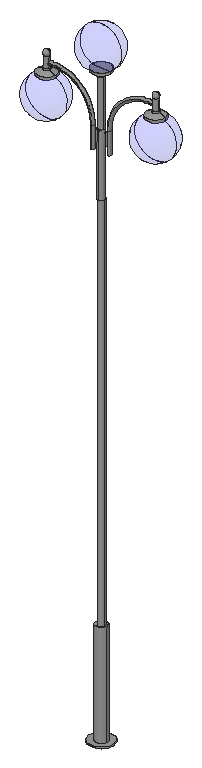
Revit family "6954 Стальной фонарный столб Т-12-3 со светильником Хоббика", category Антураж, Revit 2018
Family settings
  На основе рабочей плоскости = Нет
  Всегда вертикально = Да
  При загрузке вырезать с полостями = Нет
  Источник визуального образа = Геометрия семейства
  Общий = Нет
  Точка расчета площади = Нет
Parameters (values of type "Версия 6,161 м")
  Ширина = 400 mm  # constant formula
  Цвет каркаса = Сталь
  Описание = if([Версия 3,661 м], "Стальной фонарный столб Т-12-3 со светильником. Модель 3,661 м", if([Версия 4,161 м], "Стальной фонарный столб Т-12-3 со светильником. Модель 4,161 м", if([Версия 4,661 м], "Стальной фонарный столб Т-12-3 со светильником. Модель 4,661 м", if([Версия 5,161 м], "Стальной фонарный столб Т-12-3 со светильником. Модель 5,161 м", if([Версия 5,661 м], "Стальной фонарный столб Т-12-3 со светильником. Модель 5,661 м", "Стальной фонарный столб Т-12-3 со светильником. Модель 6,161 м")))))  # "Стальной фонарный столб Т-12-3 со светильником. Модель 6,161 м"
  Материал изделия = "Сталь"  # constant formula
  Type Comments = ""
  Type Image = Стальной фонарный столб Т-12-3 со светильником Арт 6954.jpg
  Изготовитель = "ООО «Хоббика»"  # constant formula
  Длина = 1448 mm  # constant formula
  Группа модели = "Светильники со стальными опорами"  # constant formula
  Высота = if([Версия 3,661 м], 3161 mm, if([Версия 4,161 м], 4161 mm, if([Версия 4,661 м], 4661 mm, if([Версия 5,161 м], 5161 mm, if([Версия 5,661 м], 5661 mm, 6161 mm)))))  # 6161 mm
  Версия 5,661 м = no
  Версия 5,161 м = no
  Версия 4,661 м = no
  Версия 4,161 м = no
  Версия 3,661 м = no
  Артикул товара = "Арт. 6954"  # constant formula
  URL = "https://hobbyka.ru/product/stalnoy_fonarnyy_stolb_t123_so_svetilnikom/"
Types (7, lengths in mm): name | Описание | Высота | Версия 5,661 м | Версия 5,161 м | Версия 4,661 м | Версия 4,161 м | Версия 3,661 м | URL
  (no name) | "Стальной фонарный столб Т-12-3 со светильником. Модель 6,161 м" | 6161 | no | no | no | no | no | "https://hobbyka.ru/product/stalnoy_fonarnyy_stolb_t123_so_svetilnikom/"
  Версия 3,661 м | "Стальной фонарный столб Т-12-3 со светильником. Модель 3,661 м" | 3161 | no | no | no | no | yes | "https://hobbyka.ru/product/stalnoy_fonarnyy_stolb_t052_so_svetilnikom/"
  Версия 4,161 м | "Стальной фонарный столб Т-12-3 со светильником. Модель 4,161 м" | 4161 | no | no | no | yes | no | "https://hobbyka.ru/product/stalnoy_fonarnyy_stolb_t051_so_svetilnikom/"
  Версия 4,661 м | "Стальной фонарный столб Т-12-3 со светильником. Модель 4,661 м" | 4661 | no | no | yes | no | no | "https://hobbyka.ru/product/stalnoy_fonarnyy_stolb_t051_so_svetilnikom/"
  Версия 5,161 м | "Стальной фонарный столб Т-12-3 со светильником. Модель 5,161 м" | 5161 | no | yes | no | no | no | "https://hobbyka.ru/product/stalnoy_fonarnyy_stolb_t051_so_svetilnikom/"
  Версия 5,661 м | "Стальной фонарный столб Т-12-3 со светильником. Модель 5,661 м" | 5661 | yes | no | no | no | no | "https://hobbyka.ru/product/stalnoy_fonarnyy_stolb_t051_so_svetilnikom/"
  Версия 6,161 м | "Стальной фонарный столб Т-12-3 со светильником. Модель 6,161 м" | 6161 | no | no | no | no | no | "https://hobbyka.ru/product/stalnoy_fonarnyy_stolb_t123_so_svetilnikom/"
Reference planes
  plane 1 "По центру (Вперед/Назад)": y = 0
  plane 2: z = 0
  plane 3 "По центру (Влево/Вправо)": x = 0
  plane 4: x = 724
  plane 5: y = -200
  plane 6: z = 6161
  plane 7: z = 1000
  plane 8: z = 4661
  plane 9: y = 200
  plane 10: x = -724
Forms (mm)
  Extrusion 1, solid, material "Сталь" <- "Цвет каркаса"
    sketch origin (-200, 115.675, 0) x (1, 0, 0) y (0, 1, 0)
      loop
        circle (200, -115.675) r 30
    from 1000 to 4661
  Extrusion 2, solid, material "Сталь" <- "Цвет каркаса"
    sketch origin (-200, 115.675, 0) x (1, 0, 0) y (0, 1, 0)
      loop
        circle (200, -115.675) r 54
    from 0 to 1000
  Extrusion 3, solid, material "Сталь" <- "Цвет каркаса"
    sketch origin (-200, 115.675, 0) x (1, 0, 0) y (0, 1, 0)
      loop
        circle (200, -115.675) r 116
    from 0 to 10
Dimensions and locks
  "Высота": plane 6 to level
  plane 7 to level = 1000 mm
  locked: plane 6 to plane 8 at 1500
  "Ширина": plane 9 to plane 5
  equal spacing: plane 10, plane 3 "По центру (Влево/Вправо)", plane 4
  "Длина": plane 10 to plane 4
  aligned and locked: level to plane 2
  aligned and locked: plane 7 to Extrusion 2
  aligned and locked: Extrusion 1 to plane 7
  aligned and locked: plane 8 to Extrusion 1
  aligned and locked: plane 6 to nested 1
  aligned and locked: plane 1 "По центру (Вперед/Назад)" to nested 1
  aligned and locked: plane 3 "По центру (Влево/Вправо)" to nested 1
Automatic sketch dimensions
  Extrusion 1 sketch curve to Extrusion 1 sketch curve = 0 mm  (x2)
  plane 3 "По центру (Влево/Вправо)" to Extrusion 1 sketch curve = 0 mm
  plane 1 "По центру (Вперед/Назад)" to Extrusion 1 sketch curve = 0 mm
  Extrusion 1 sketch curve to Extrusion 1 sketch curve = 30 mm
  Extrusion 2 sketch curve to Extrusion 2 sketch curve = 0 mm  (x2)
  plane 3 "По центру (Влево/Вправо)" to Extrusion 2 sketch curve = 0 mm
  plane 1 "По центру (Вперед/Назад)" to Extrusion 2 sketch curve = 0 mm
  Extrusion 2 sketch curve to Extrusion 2 sketch curve = 54 mm
  plane 3 "По центру (Влево/Вправо)" to Extrusion 3 sketch curve = 0 mm
  Extrusion 3 sketch curve to Extrusion 3 sketch curve = 116 mm
  Extrusion 3 sketch curve to Extrusion 3 sketch curve = 0 mm
  plane 1 "По центру (Вперед/Назад)" to Extrusion 3 sketch curve = 0 mm
Nested families
  nested 1: "Стальной фонарный столб Т-12-3 со светильником Арт 6954 светильник" at (0, 0, 4661), type "Стальной фонарный столб Т-12-3 со светильником Арт 6954 светильник"
Definition of nested family "Стальной фонарный столб Т-12-3 со светильником Арт 6954 светильник"
  Parameters (values of type "Стальной фонарный столб Т-12-3 со светильником Арт 6954 светильник")
    Цвет каркаса = none
    Height = 0 mm
  Reference planes
    plane 1 "По центру (Вперед/Назад)": y = 0
    plane 2: z = 0
    plane 3 "По центру (Влево/Вправо)": x = 0
    plane 4: z = 1500
  Forms (mm)
    Extrusion 1, solid, material <- "Цвет каркаса"
      sketch origin (-35.424, -2.622, 0) x (-0.00346, 0.999994, 0) y (-0.999994, -0.00346, 0)
        loop
          circle (0, -35.321) r 30
      from 0 to 600
    Extrusion 2, solid, material <- "Цвет каркаса"
      sketch origin (106.998, -2.126, 0) x (-0.00346, 0.999994, 0) y (-0.999994, -0.00346, 0)
        loop
          line (-2.5, 28) -> (2.5, 28) -> (2.5, 186.044) -> (-2.5, 186.044) -> (-2.5, 28)
      from 470 to 585
    Revolve 3, solid
      sketch origin (-441.132, -2.462, 345) x (-0.999994, -0.00346, 0) y (0, 0, 1)
        loop
          arc (-441.135, 1155) -> (-635.929, 1000.335) -> (-529.444, 775.552) r 200
          line (-529.444, 775.552) -> (-441.135, 775.552) -> (-441.135, 1155)
        axis (-441.135, 775.552) -> (-441.135, 1155)
      angle from 0 to 360
    Revolve 4, solid, material <- "Цвет каркаса"
      sketch origin (495.458, -2.645, 1577.532) x (0.999994, -0.00346, 0) y (0, 0, -1)
        loop
          line (-495.461, 517.532) -> (-525.461, 517.532) -> (-525.461, 507.532) -> (-583.77, 476.98) -> (-583.77, 456.98) -> (-495.461, 456.98) -> (-495.461, 517.532)
        axis (-495.461, 517.532) -> (-495.461, 456.98)
      angle from 0 to 360
    Extrusion 5, solid, material <- "Цвет каркаса"
      sketch origin (-456.006, 0, 0) x (1, 0, 0) y (0, 1, 0)
        loop
          circle (456.006, -0.931) r 25
      from 600 to 1060
    Sweep 6, solid, material <- "Цвет каркаса"
      path origin (46.402, -2.669, 330) x (0.999994, -0.00346, 0) y (0, 0, -1)
        loop
          line (-110.461, -75) -> (-110.461, -285.03)
          arc (-110.461, -285.03) -> (-250.444, -585.259) -> (-570.405, -671.037) r 391.95
      profile origin (-64.059, -2.287, 510.015) x (0.999994, -0.00346, 0) y (0.00346, 0.999994, 0)
        loop
          circle (-15, 0) r 15
    Revolve 7, solid
      sketch origin (-13.598, -2.462, 425) x (0.999994, -0.00346, 0) y (0, 0, -1)
        loop
          arc (-510.406, -77.532) -> (-705.201, -232.197) -> (-598.715, -456.98) r 200
          line (-598.715, -456.98) -> (-510.406, -456.98) -> (-510.406, -77.532)
        axis (-510.406, -456.98) -> (-510.406, -77.532)
      angle from 0 to 360
    Revolve 8, solid, material <- "Цвет каркаса"
      sketch origin (-28.543, -2.645, 425) x (0.999994, -0.00346, 0) y (0, 0, -1)
        loop
          line (-495.461, -517.532) -> (-495.461, -456.98) -> (-583.77, -456.98) -> (-583.77, -476.98) -> (-525.461, -507.532) -> (-525.461, -517.532) -> (-495.461, -517.532)
        axis (-495.461, -517.532) -> (-495.461, -456.98)
      angle from 0 to 360
    Extrusion 9, solid, material <- "Цвет каркаса"
      sketch origin (-67.995, 0, 0) x (-1, 0, 0) y (0, -1, 0)
        loop
          circle (456.006, 0.931) r 25
      from 942.532 to 1045.467
    Revolve 10, solid, material <- "Цвет каркаса"
      sketch origin (-82.868, -2.462, 399.915) x (0.999994, -0.00346, 0) y (0, 0, -1)
        loop
          line (-441.135, -645.552) -> (-453.635, -645.552)
          arc (-453.635, -645.552) -> (-466.905, -675.432) -> (-441.135, -695.552) r 26.562
          line (-441.135, -695.552) -> (-441.135, -645.552)
        axis (-441.135, -645.552) -> (-441.135, -695.552)
      angle from 0 to 360
    Sweep 11, solid, material <- "Цвет каркаса"
      path origin (-46.402, -2.669, 330) x (-0.999994, -0.00346, 0) y (0, 0, 1)
        loop
          line (-110.461, 75) -> (-110.461, 285.03)
          arc (-110.461, 285.03) -> (-250.444, 585.259) -> (-570.405, 671.037) r 391.95
      profile origin (64.059, -2.287, 510.015) x (0.999994, 0.00346, 0) y (-0.00346, 0.999994, 0)
        loop
          circle (15, 0) r 15
    Revolve 12, solid
      sketch origin (13.598, -2.462, 425) x (-0.999994, -0.00346, 0) y (0, 0, 1)
        loop
          line (-510.406, 77.532) -> (-510.406, 456.98) -> (-598.715, 456.98)
          arc (-598.715, 456.98) -> (-705.201, 232.197) -> (-510.406, 77.532) r 200
        axis (-510.406, 456.98) -> (-510.406, 77.532)
      angle from 0 to 360
    Revolve 13, solid, material <- "Цвет каркаса"
      sketch origin (28.543, -2.645, 425) x (-0.999994, -0.00346, 0) y (0, 0, 1)
        loop
          line (-495.461, 517.532) -> (-525.461, 517.532) -> (-525.461, 507.532) -> (-583.77, 476.98) -> (-583.77, 456.98) -> (-495.461, 456.98) -> (-495.461, 517.532)
        axis (-495.461, 517.532) -> (-495.461, 456.98)
      angle from 0 to 360
    Extrusion 14, solid, material <- "Цвет каркаса"
      sketch origin (67.995, 0, 0) x (1, 0, 0) y (0, 1, 0)
        loop
          circle (456.006, -0.931) r 25
      from 942.532 to 1045.467
    Revolve 15, solid, material <- "Цвет каркаса"
      sketch origin (82.868, -2.462, 399.915) x (-0.999994, -0.00346, 0) y (0, 0, 1)
        loop
          line (-441.135, 645.552) -> (-441.135, 695.552)
          arc (-441.135, 695.552) -> (-466.905, 675.432) -> (-453.635, 645.552) r 26.562
          line (-453.635, 645.552) -> (-441.135, 645.552)
        axis (-441.135, 645.552) -> (-441.135, 695.552)
      angle from 0 to 360
  Cuts and joins
    joined: Extrusion 1, Extrusion 2, Sweep 6, Extrusion 9, Sweep 11
  Dimensions and locks
    aligned and locked: level to plane 2
